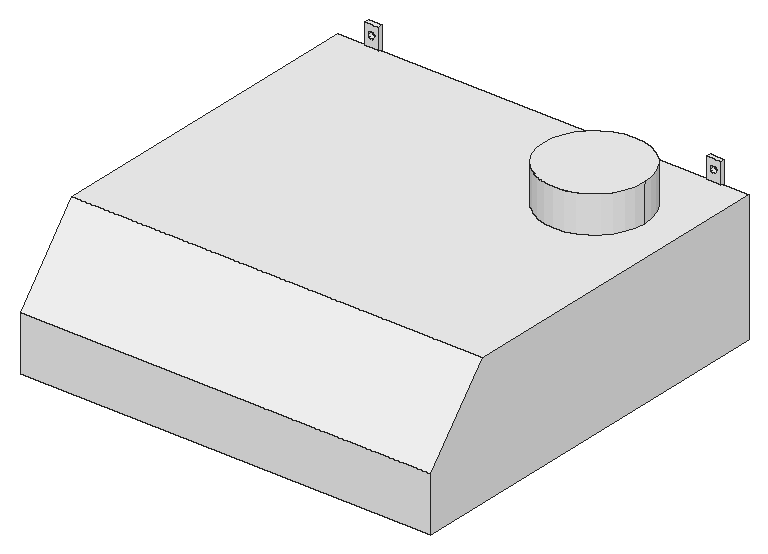
Revit family "v-36_375k7_50Hz - コピー", category 機械設備, Revit 2019
Family settings
  丸型コネクタ寸法 = 直径を使用
  パーツ タイプ = 標準
  OmniClass 番号 = 23.75.35.17.27
  OmniClass タイトル = Centrifugal Fans
  作業面ベース = いいえ
  常に垂直 = はい
  ロード時にボイドで切り取り = いいえ
  共有 = いいえ
  部屋計算ポイント = いいえ
Parameters (values of type "V-36K6-BL")
  騒音レベル(dB(A)) = 46.5
  風量 = 550.0 m³/h
  電源種別 [instance] = ""
  電圧 = 100 V
  電動機出力 = 0 W
  電動機_種別 = ""
  集中コントローラ = ""
  運転質量 = 0.00 kg
  連動 [instance] = ""
  質量 = if(製品質量 > 運転質量, 製品質量, 運転質量) * 1.2  # 18.00 kg
  負荷分類 = 3_ファン類
  説明 = "レンジフードファン 浅形 高静圧・丸排気タイプ"
  設計風量 = 0.0 m³/h
  設置方法 = "天吊"
  記号 [instance] = ""
  製造元 = "三菱電機株式会社"
  製品質量 = 15.00 kg
  製品出荷対象 = "国内"
  製品リリース年月 = "2022年6月1日"
  製品グループ = ""
  系統 [instance] = ""
  符号 = if(☑給気／□排気, "FS", "FE")  # "FE"
  積算_科目 = "2 換気設備"
  積算_拾い区分 [instance] = ""
  相 = 1
  盤記号 [instance] = ""
  発停方法 [instance] = ""
  特殊仕様 [instance] = ""
  火災停止 [instance] = ""
  消費電力 = 112 W
  法定耐用年数 = "15"
  機外静圧_排気 = 210.0 Pa
  機外静圧 = 0.0 Pa
  極数 = 2
  材質 [instance] = ""
  操作・制御方式 = ""
  操作・制御スイッチ = ""
  排気量 = 0.0 m³/h
  形式 = "片吸込形"
  幹線記号 [instance] = ""
  対象室 [instance] = ""
  実風量 = 0.0 m³/h
  始動方式 [instance] = "直入"
  天吊用穴_D = 300 mm
  天吊用穴_ピッチ = 520 mm
  外気量 = 0.0 m³/h
  呼称 = "遠心送風機"
  周波数 = 50 Hz
  取付金具_穴位置 = 16 mm
  取付金具_径 = 10 mm
  取付金具_ピッチ = 500 mm
  取付金具_H = 30 mm
  取付金具_Depth = 6 mm
  参照している仕様書等のバージョン = ""
  分類コード = "50052503100060"
  分類グループ = ""
  価格 = 87500
  企業コード = "108420"
  付属品_フィルター_還気 = ""
  付属品_フィルター = ""
  付属品 [instance] = ""
  仕様書バージョン = "Version1.0"
  モデル = "V-36K6-BL"
  マテリアル = 鋼板(白)
  ファンの種類 = ""
  ダクト径 = 150 mm
  コメント [instance] = ""
  Keynote = ""
  Assembly Code = ""
  ☑給気／□排気 = no
  Width = 600 mm
  W1 = Width / 2  # 300 mm
  Version = ""
  Uniclass2015Version = "Systems v1.9"
  Uniclass2015Title = "Centrifugal fans"
  Uniclass2015Code = "Pr_65_67_29_12"
  URL = "https://www.mitsubishielectric.co.jp/ldg/wink/ssl/displayProduct.do?pid=320844"
  SpecificationReference = ""
  SpecificationDescription = ""
  Revision = ""
  ProductInformation = ""
  OmniClassCode = "23-33 31 19 13 15"
  MIN風量 = 200.0 m³/h
  MIN静圧 = 0.0 Pa
  MID風量 = 330.0 m³/h
  MID静圧 = 0.0 Pa
  MAX風量 = 550.0 m³/h
  MAX静圧 = 0.0 Pa
  IfcTypeProduct = ""
  IfcProduct = ""
  IfcExportType = "CENTRIFUGALFORWARDCURVED"
  IfcExportAs = "IfcFanType"
  Height = 190 mm
  H1 = 110 mm
  EAサイズ_D = 148 mm
  Duct_Pitch = 350 mm
  Duct_Height = 54 mm
  Duct_D = 125 mm
  Depth = 580 mm
  D1 = 95 mm
  Clearance Top = 0 mm
  Clearance Right = 0 mm
  Clearance Left = 0 mm
  Clearance Front = 0 mm
  Clearance Bottom = 0 mm
  Clearance Back = 0 mm
  Author = "三菱電機株式会社"
Types (4, lengths in mm): name | 質量 | 製品質量 | 消費電力 | 価格 | モデル | マテリアル | Width | W1 | URL
  V-36K6-BL | 18.00 kg | 15.00 kg | 112 W | 87500 | "V-36K6-BL" | 鋼板(白) | 600 | 300 | "https://www.mitsubishielectric.co.jp/ldg/wink/ssl/displayProduct.do?pid=320844"
  V-36K6-BL-BK | 18.00 kg | 15.00 kg | 112 W | 87500 | "V-36K6-BL-BK" | 鋼板(黒) | 600 | 300 | "https://www.mitsubishielectric.co.jp/ldg/wink/ssl/displayProduct.do?pid=320845"
  V-37KCP6 | 19.20 kg | 16.00 kg | 102 W | 97400 | "V-37KCP6" | 鋼板(白) | 700 | 350 | "https://www.mitsubishielectric.co.jp/ldg/wink/ssl/displayProduct.do?pid=320850"
  V-37KCP6-BK | 19.20 kg | 16.00 kg | 102 W | 97400 | "V-37KCP6-BK" | 鋼板(黒) | 700 | 350 | "https://www.mitsubishielectric.co.jp/ldg/wink/ssl/displayProduct.do?pid=320851"
Reference planes
  plane 1 "中心(正面/背面)": y = 0
  plane 2: z = 0
  plane 3 "中心(左/右)": x = 0
  plane 4: x = -300
  plane 5: x = 300
  plane 6: y = -580
  plane 7: z = -190
  plane 8: z = -110
  plane 9: z = 54
  plane 10: y = -290
  plane 11: y = -485
  plane 12: x = -175
  plane 13: x = 175
  plane 14: y = -125
  plane 15: x = -260
  plane 16: x = 260
  plane 17: y = -300
  plane 18: x = -150
  plane 19: x = 150
  plane 20: z = 30
  plane 21: z = 16
  plane 22: x = -250
  plane 23: x = -260
  plane 24: x = -240
  plane 25: x = 250
  plane 26: x = 260
  plane 27: x = 240
  plane 28: y = 6
Forms (mm)
  Extrusion 1, solid, material "鋼板(白)" <- "マテリアル", detail levels fine
    sketch origin (0, 0, 0) x (1, 0, 0) y (0, 1, 0)
      loop
        line (-300, 0) -> (-300, -485) -> (300, -485) -> (300, 0) -> (-300, 0)
    from -190 to 0
  Blend 2, solid, material "鋼板(白)" <- "マテリアル", detail levels fine
    base sketch origin (0, 0, 0) x (1, 0, 0) y (0, 0, 1)
      loop
        line (-300, -190) -> (300, -190) -> (300, 0) -> (-300, 0) -> (-300, -190)
    top sketch origin (0, 0, 0) x (1, 0, 0) y (0, 0, 1)
      loop
        line (-300, -190) -> (300, -190) -> (300, -110) -> (-300, -110) -> (-300, -190)
    from 485 to 580
  Extrusion 3, solid, material "鋼板(白)" <- "マテリアル", detail levels fine
    sketch origin (0, 0, 0) x (1, 0, 0) y (0, 1, 0)
      loop
        circle (175, -125) r 74
    from 0 to 54
  Extrusion 4, solid, material "鋼板(白)" <- "マテリアル"
    sketch origin (0, 0, 0) x (1, 0, 0) y (0, 0, 1)
      loop
        line (-260, 30) -> (-260, -190) -> (-240, -190) -> (-240, 30) -> (-260, 30)
      loop
        line (240, 30) -> (240, -190) -> (260, -190) -> (260, 30) -> (240, 30)
      loop
        circle (250, 16) r 5
      loop
        circle (-250, 16) r 5
    from -6 to 0
Cuts and joins
  joined: Extrusion 1, Blend 2
Lines and regions (mm)
  Masking region 1, detail levels coarse+medium
    outline origin (1326.5, 29, 0) x (1, 0, 0) y (0, 1, 0)
      loop
        line (-1626.5, -29) -> (-1626.5, -609) -> (-1026.5, -609) -> (-1026.5, -29) -> (-1626.5, -29)
  symbolic lines, detail levels coarse+medium
    curve 1: circle (-150, -290, 0) r 150 normal (0, 0, 1)
    curve 2: circle (150, -290, 0) r 150 normal (0, 0, 1)
Dimensions and locks
  equal spacing: plane 4, plane 3 "中心(左/右)", plane 5
  "Width": plane 4 to plane 5
  equal spacing: plane 6, plane 10, plane 1 "中心(正面/背面)"
  "Depth": plane 1 "中心(正面/背面)" to plane 6
  equal spacing: plane 12, plane 3 "中心(左/右)", plane 13
  "Duct_Pitch": plane 12 to plane 13
  "Duct_D": plane 1 "中心(正面/背面)" to plane 14
  "Height": level to plane 7
  "Duct_Height": plane 9 to level
  equal spacing: plane 15, plane 3 "中心(左/右)", plane 16
  "天吊用穴_ピッチ": plane 15 to plane 16
  "天吊用穴_D": plane 1 "中心(正面/背面)" to plane 17
  equal spacing: plane 4, plane 18, plane 3 "中心(左/右)"
  equal spacing: plane 3 "中心(左/右)", plane 19, plane 5
  "D1": plane 11 to plane 6
  "H1": level to plane 8
  "取付金具_H": plane 20 to level
  "取付金具_穴位置": plane 21 to level
  equal spacing: plane 24, plane 22, plane 23
  locked: plane 24 to plane 23 at 20
  equal spacing: plane 27, plane 25, plane 26
  locked: plane 27 to plane 26 at 20
  equal spacing: plane 25, plane 3 "中心(左/右)", plane 22
  "取付金具_ピッチ": plane 25 to plane 22
  "取付金具_Depth": plane 28 to plane 1 "中心(正面/背面)"
  "EAサイズ_D": diameter of Extrusion 3 sketch curve
  "W1": diameter of curve 1
  "W1": diameter of curve 2
  "取付金具_径": diameter of Extrusion 4 sketch curve  (x2)
  aligned and locked: level to plane 2
  aligned and locked: Masking region 1 to plane 4
  aligned and locked: plane 5 to Masking region 1
  aligned and locked: Masking region 1 to plane 6
  aligned and locked: Masking region 1 to plane 1 "中心(正面/背面)"
  aligned and locked: plane 1 "中心(正面/背面)" to Extrusion 1 sketch curve
  aligned and locked: plane 4 to Extrusion 1 sketch curve
  aligned and locked: plane 11 to Extrusion 1 sketch curve
  aligned and locked: Extrusion 1 sketch curve to plane 5
  aligned and locked: Blend 2 sketch curve to plane 7  (x2)
  aligned and locked: level to Blend 2 sketch curve
  aligned and locked: plane 5 to Blend 2 sketch curve
  aligned and locked: Blend 2 sketch curve to plane 4
  aligned and locked: var sketch to Blend 2 sketch curve
  aligned and locked: Extrusion 1 to plane 7
  aligned and locked: level to Extrusion 1
  aligned and locked: Blend 2 to plane 6
  aligned and locked: plane 11 to Blend 2
  aligned and locked: plane 9 to Extrusion 3
  aligned and locked: Extrusion 3 to level
  aligned and locked: plane 8 to Blend 2 sketch curve
  aligned and locked: nested 1 to plane 17
  aligned and locked: plane 15 to nested 1
  aligned and locked: plane 16 to nested 1
  aligned and locked: Extrusion 4 sketch curve to plane 20  (x2)
  aligned and locked: plane 23 to Extrusion 4 sketch curve
  aligned and locked: plane 24 to Extrusion 4 sketch curve
  aligned and locked: plane 7 to Extrusion 4 sketch curve  (x2)
  aligned and locked: plane 27 to Extrusion 4 sketch curve
  aligned and locked: plane 26 to Extrusion 4 sketch curve
  aligned and locked: plane 28 to Extrusion 4
  aligned and locked: plane 1 "中心(正面/背面)" to Extrusion 4
Automatic sketch dimensions
  Extrusion 3 sketch curve to plane 13 = 0 mm
  Extrusion 3 sketch curve to plane 14 = 0 mm
  curve 1 to plane 10 = 0 mm
  curve 1 to plane 18 = 0 mm
  curve 2 to plane 10 = 0 mm
  curve 2 to plane 19 = 0 mm
  Masking region 1 sketch curve to plane 4 = 0 mm
  Masking region 1 sketch curve to plane 5 = 0 mm
  Masking region 1 sketch curve to plane 6 = 0 mm
  plane 1 "中心(正面/背面)" to Masking region 1 sketch curve = 0 mm
  Blend 2 sketch curve to plane 4 = 0 mm
  Extrusion 4 sketch curve to plane 21 = 0 mm  (x2)
  Extrusion 4 sketch curve to plane 22 = 0 mm
  plane 25 to Extrusion 4 sketch curve = 0 mm
Nested families
  nested 1: "固定点" at (-260, -300, 0), type "固定点"
    with W 520 mm, D 1000 mm
Connectors
  hvac at (175, -125, 54), driven by "ダクト径", driven by "機外静圧", driven by "風量"
    settings: on Extrusion 3, index 1, duct flow 550.0 m³/h, flow factor 0, pres drop 0.0 Pa, loss coef 0, conn angle 0.00°, conn width 304.8 mm, conn height 304.8 mm, conn diameter 150 mm, duct sys type 3, conn prof type 0, flow config 0, flow direction 2, loss method 4, conn ref index -1, conn util no, is conn primary yes, conn desc ""
  electrical at (0, -242.5, 0), driven by "極数", driven by "負荷分類", driven by "電圧", driven by "消費電力"
    settings: on cut or joined group of Extrusion 1, Blend 2, index 3, voltage 100 V, apparent load 112 VA, apparent load phase1 0 VA, apparent load phase2 0 VA, apparent load phase3 0 VA, power factor 1, load classification "3_ファン類", number of poles 2, system type 30, power factor state 1, is connector primary yes, connector utility no, sub classification motor no, connector description ""
Definition of nested family "固定点"
  Parameters (values of type "固定点")
    中心円 = 20 mm
    W [instance] = 1000 mm
    D [instance] = 1000 mm
  Reference planes
    plane 1 "中心(正面/背面)": y = 0
    plane 2: z = 0
    plane 3 "中心(左/右)": x = 0
    plane 4: x = 1000
  Lines and regions (mm)
    symbolic lines, detail levels fine
      curve 1: circle (0, 0, 0) r 10 normal (0, 0, 1)
      curve 2: circle (1000, 0, 0) r 10 normal (0, 0, 1)
      curve 3: line (-200, 0, 0) -> (1200, 0, 0)
      curve 4: line (0, 200, 0) -> (0, -200, 0)
      curve 5: line (1000, 200, 0) -> (1000, -200, 0)
  Dimensions and locks
    "W": plane 3 "中心(左/右)" to plane 4
    "中心円": diameter of curve 1
    "中心円": diameter of curve 2
    aligned and locked: level to plane 2
    aligned and locked: plane 3 "中心(左/右)" to curve 1
    aligned and locked: plane 1 "中心(正面/背面)" to curve 1
    aligned and locked: plane 1 "中心(正面/背面)" to curve 2
    aligned and locked: plane 4 to curve 2
    aligned and locked: plane 1 "中心(正面/背面)" to curve 3
    aligned and locked: curve 4 to plane 3 "中心(左/右)"
    aligned and locked: curve 5 to plane 4
  Automatic sketch dimensions
    curve 3 to plane 3 "中心(左/右)" = 200 mm
    curve 2 to curve 3 = 200 mm
    plane 1 "中心(正面/背面)" to curve 4 = 200 mm
    plane 1 "中心(正面/背面)" to curve 5 = 200 mm
    curve 5 to plane 1 "中心(正面/背面)" = 200 mm
    curve 4 to plane 1 "中心(正面/背面)" = 200 mm
